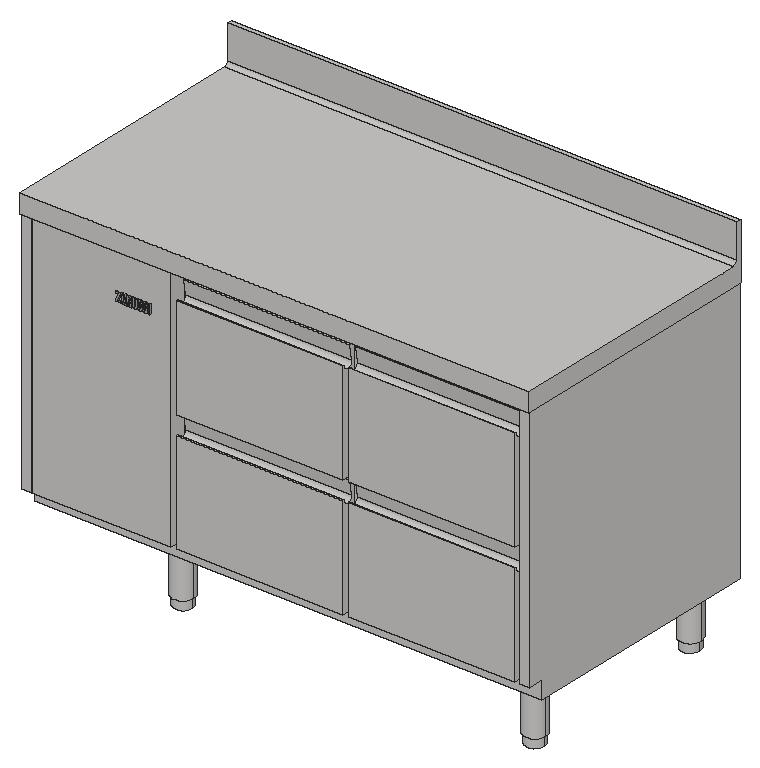
Revit family "QF_ZANUSSI_111032_ZH2H3BB", category Specialty Equipment, Revit 2018
Family settings
  Round Connector Dimension = Use Diameter
  Part Type = Normal
  Work Plane-Based = No
  Always vertical = Yes
  Cut with Voids When Loaded = No
  Shared = No
  Room Calculation Point = No
Parameters
  Weight = 0.00 kg
  Watts = 0.0232258 W
  Volts = 220 V
  URL Manufacturer = "http://www.zanussiprofessional.com/"
  URL = "http://www.zanussiprofessional.com/"
  Steam Supply Size = 0 mm
  Steam Supply Minimum Pressure = 0.0 Pa
  Steam Supply Maximum Pressure = 0.0 Pa
  Steam Pounds per Hour = 0
  Show Logo [instance] = yes
  Show Clearance [instance] = yes
  Refrigeration Suction Line Size = 0 mm
  Refrigeration Liquid Line Size = 0 mm
  Refrigerant Compressor Remote = yes
  Manufacturer = "Zanussi"
  Phase = 1
  Model = "ZH2H3BB"
  Length Actual = 1345 mm  # constant formula
  Item Number = "111032"
  Hot Water Size = 0 mm
  Height Actual = 1000 mm  # constant formula
  HP = "0.3 HP"
  Gas Size = 0 mm
  Gas KW = 0
  Gas Input Pressure = 0 W
  Description = "4 DRAWERS REFRIGER.TABLE 290L-SPLASHB"
  Depth Actual = 700 mm  # constant formula
  Cycle = 50 Hz
  Condensate Return Size = 0 mm
  Compressed Air Volume = 0.0 L/s
  Compressed Air Size = 0 mm
  Compressed Air Pressure = 0.0 Pa
  Cold Water Size = 0 mm
  Accessory = yes
Reference planes
  plane 1 "Center X": y = 182.5
  plane 2: z = 0
  plane 3 "Center Y": x = -126.5
  plane 4: y = -62.5
  plane 5: y = 451.5
  plane 6 "BACK": y = 532.5
  plane 7 "FRONT": y = -167.5
  plane 8: x = -452
  plane 9: x = 478
  plane 10: z = 150
  plane 11 "TOP": z = 900
  plane 12: z = 850
  plane 13 "LEFT": x = -797
  plane 14 "RIGHT": x = 544
  plane 15: x = -799
  plane 16: x = 546
Forms (mm)
  Extrusion 1, solid, material "QF_Finishes_Stainless Steel"
    sketch origin (-126.5, 2, 0) x (0, 1, 0) y (0, 0, 1)
      loop
        line (530.5, 150) -> (530.5, 850) -> (-124.5, 850) -> (-124.5, 150) -> (530.5, 150)
    from -670.5 to 670.5
  Extrusion 2, solid, material "QF_Finishes_Stainless Steel"
    sketch origin (-1022.223, -1524, 150) x (-1, 0, 0) y (0, -1, 0)
      loop
        line (-225.223, -1361.5) -> (-250.223, -1361.5) -> (-250.223, -1401.5) -> (-225.223, -1401.5) -> (-225.223, -1361.5)
      loop
        line (-1566.223, -1401.5) -> (-1541.223, -1401.5) -> (-1541.223, -1361.5) -> (-1566.223, -1361.5) -> (-1566.223, -1401.5)
    from 47 to 700
  Extrusion 3, solid, material "QF_Finishes_Stainless Steel"
    sketch origin (0, 0, 900) x (-1, 0, 0) y (0, -1, 0)
      loop
        circle (-57, -94.5) r 8.45
    from -790.577 to -750
  Extrusion 4, solid, material "QF_Finishes_Stainless Steel"
    sketch origin (0, 0, 0) x (1, 0, 0) y (0, 1, 0)
      loop
        circle (-713, 451.5) r 4
    from 109.423 to 150
  Extrusion 5, solid, material "QF_Finishes_Stainless Steel"
    sketch origin (-126.5, 0, 0) x (0, 1, 0) y (0, 0, 1)
      loop
        line (-167.5, 900) -> (-167.5, 850) -> (532.5, 850) -> (532.5, 1000) -> (519.5, 1000) -> (519.5, 910)
        arc (519.5, 910) -> (516.571, 902.929) -> (509.5, 900) r 10
        line (509.5, 900) -> (-167.5, 900)
    from 672.5 to -672.5
Cuts and joins
  joined: Extrusion 1, Extrusion 2
Lines and regions (mm)
  symbolic lines, style "SpecialityEquipmentHiddenLines"
    curve 1: line (-799, -122.5, 900) -> (546, -122.5, 900)
    curve 2: line (-396, -167.5, 900) -> (-396, -122.5, 900)
  symbolic lines, style "SpecialityEquipment"
    curve 3: line (-799, 532.5, 900) -> (546, 532.5, 900)
    curve 4: line (-799, 532.5, 900) -> (-799, -167.5, 900)
    curve 5: line (-799, -167.5, 900) -> (546, -167.5, 900)
    curve 6: line (546, -167.5, 900) -> (546, 532.5, 900)
    curve 7: line (-799, 519.5, 900) -> (546, 519.5, 900)
Dimensions and locks
  locked: plane 6 "BACK" to plane 7 "FRONT" at 700
  equal spacing: plane 6 "BACK", plane 1 "Center X", plane 7 "FRONT"
  locked: plane 6 "BACK" to plane 5 at 81
  plane 10 to level = 150 mm
  plane 11 "TOP" to plane 12 to plane 10 = 50 mm locked, 700 mm locked
  locked: Extrusion 2 sketch curve to Extrusion 2 sketch curve at 25  (x2)
  locked: plane 4 to plane 7 "FRONT" at 105
  locked: plane 6 "BACK" to Extrusion 3 sketch curve at 438
  equal spacing: plane 13 "LEFT", plane 3 "Center Y", plane 14 "RIGHT"
  plane 15 to plane 16 = 1345 mm
  locked: plane 13 "LEFT" to plane 8 at 345
  locked: plane 9 to plane 14 "RIGHT" at 66
  locked: Extrusion 3 sketch curve to plane 14 "RIGHT" at 487
  plane 13 "LEFT" to Extrusion 4 sketch curve = 84 mm
  locked: plane 6 "BACK" to Extrusion 4 sketch curve at 81
  locked: plane 10 to Extrusion 4 at 40.577
  aligned and locked: level to plane 2
  aligned and locked: plane 10 to Extrusion 3
  aligned and locked: nested 4 to plane 4
  aligned and locked: nested 1 to plane 4
  aligned and locked: nested 3 to plane 5
  aligned and locked: nested 2 to plane 5
  aligned and locked: plane 8 to nested 1
  aligned and locked: plane 8 to nested 2
  aligned and locked: plane 9 to nested 4
  aligned and locked: plane 9 to nested 3
  aligned and locked: Extrusion 1 to Extrusion 2
  aligned and locked: Extrusion 2 to Extrusion 1
  aligned and locked: Extrusion 2 sketch curve to plane 14 "RIGHT"
  aligned and locked: plane 13 "LEFT" to Extrusion 2 sketch curve
  aligned and locked: cut or joined group of Extrusion 1, Extrusion 2 to plane 10
  aligned and locked: plane 12 to cut or joined group of Extrusion 1, Extrusion 2
  aligned and locked: plane 10 to Extrusion 4
  aligned and locked: Extrusion 5 sketch curve to plane 11 "TOP"
  aligned and locked: plane 7 "FRONT" to Extrusion 5 sketch curve
  aligned and locked: Extrusion 5 sketch curve to cut or joined group of Extrusion 1, Extrusion 2  (x2)
  aligned and locked: Extrusion 5 to curve 3
Automatic sketch dimensions
  plane 7 "FRONT" to Extrusion 2 sketch curve = 45 mm  (x2)
  plane 7 "FRONT" to Extrusion 2 sketch curve = 5 mm  (x2)
  Extrusion 1 sketch curve to plane 10 = 0 mm
  Extrusion 1 sketch curve to plane 12 = 0 mm
  Extrusion 1 sketch curve to plane 6 "BACK" = 0 mm
  plane 7 "FRONT" to Extrusion 1 sketch curve = 45 mm
  plane 11 "TOP" to Extrusion 5 sketch curve = 10 mm
  Extrusion 5 sketch curve to plane 6 "BACK" = 23 mm
  Extrusion 5 sketch curve to Extrusion 5 sketch curve = 90 mm
  curve 2 to plane 7 "FRONT" = 0 mm
  curve 5 to plane 15 = 0 mm
  curve 3 to plane 6 "BACK" = 0 mm
  plane 8 to curve 2 = 56 mm
  curve 7 to plane 6 "BACK" = 13 mm
  plane 7 "FRONT" to curve 1 = 45 mm
  radius of Extrusion 3 sketch curve = 8.45 mm
  radius of Extrusion 4 sketch curve = 4 mm
Nested families
  nested 1: "Foot_Ø50_H150" at (-452, -62.5, 0), type "Foot_Ø50_H150"
  nested 2: "Foot_Ø50_H150" at (-452, 451.5, 0), type "Foot_Ø50_H150"
  nested 3: "Foot_Ø50_H150" at (478, 451.5, 0), type "Foot_Ø50_H150"
  nested 4: "Foot_Ø50_H150" at (478, -62.5, 0), type "Foot_Ø50_H150"
  nested 5: "2 Drawers" at (285, -164.5, 0), Show Clearance <- "Show Clearance", type "2 Drawers"
  nested 6: "2 Drawers" at (-169, -164.5, 0) x (-1, 0, 0) z (0, 0, 1), Show Clearance <- "Show Clearance", type "2 Drawers"
  nested 7: "Refrigerator" at (544, -167.5, 900), type "Refrigerator"
  nested 8: "ZAN_Cooling Unit" at (-587.5, -164.5, 0), Show Logo <- "Show Logo", type "ZAN_Cooling Unit"
Connectors
  electrical at (-713, 451.5, 109.423), driven by "Volts"
    settings: on Extrusion 4, index 4, voltage 220 V, apparent load 0 VA, apparent load phase1 0 VA, apparent load phase2 0 VA, apparent load phase3 0 VA, power factor 1, load classification "Altro", number of poles 1, system type 30, power factor state 1, is connector primary yes, connector utility no, sub classification motor no, connector description "Electrical Connection"
  piping at (57, 94.5, 109.423), diameter 17
    settings: on Extrusion 3, index 5, connector inside diameter 609.6 mm, connector length 0 mm, flow factor 0, pipe flow 0.0 L/s, pressure drop 0.0 Pa, fitting loss kfactor 0, connector angle 0.00°, fixture units 0, engagement length 0 mm, angle of deflection 0.00°, flow configuration 1, flow direction 2, fitting loss method 0, system type 16, joint type 0, gender type 0, connector reference index -1, connector utility 0, adjustable connector no, is connector primary yes, connector description "Drain"
Definition of nested family "Foot_Ø50_H150"
  Reference planes
    plane 1 "Centro (Fronte/Retro)": y = 0
    plane 2: z = 0
    plane 3 "Centro (Sinistra/Destra)": x = 0
    plane 4: z = 150
  Forms (mm)
    Revolve 1, solid
      sketch origin (255.05, 0, 608.09) x (0, 0, 1) y (-1, 0, 0)
        loop
          line (-608.09, 255.05) -> (-608.09, 230.05) -> (-583.09, 230.05) -> (-583.09, 226.05) -> (-458.09, 226.05) -> (-458.09, 255.05) -> (-608.09, 255.05)
        axis (-608.09, 255.05) -> (-458.09, 255.05)
      angle from 0 to 360
  Dimensions and locks
    locked: Revolve 1 sketch curve to Revolve 1 sketch curve at 125
    aligned and locked: level to plane 2
    aligned and locked: plane 4 to Revolve 1 sketch curve
    aligned and locked: Revolve 1 sketch curve to level
    aligned and locked: plane 3 "Centro (Sinistra/Destra)" to Revolve 1 sketch curve
Definition of nested family "2 Drawers"
  Parameters
    Show Clearance [instance] = yes
  Reference planes
    plane 1 "FRONT": y = -3
    plane 2: z = 0
    plane 3 "Centro (Sinistra/Destra)": x = 0
    plane 4: z = 150
    plane 5: z = 850
    plane 6: x = -234
    plane 7: x = 234
    plane 8: x = -220
    plane 9: x = 220
  Forms (mm)
    Extrusion 1, solid
      sketch origin (0, 55, 511) x (0, 0, 1) y (0, -1, 0)
        loop
          line (314, 18) -> (314, 29) -> (274.395, 22.5)
          arc (274.395, 22.5) -> (260.395, 36.5) -> (274.395, 50.5) r 14
          line (274.395, 50.5) -> (274.395, 53) -> (5, 53) -> (5, 18) -> (314, 18)
        loop
          line (-5, 29) -> (-44.605, 22.5)
          arc (-44.605, 22.5) -> (-58.605, 36.5) -> (-44.605, 50.5) r 14
          line (-44.605, 50.5) -> (-44.605, 53) -> (-314, 53) -> (-314, 18) -> (-5, 18) -> (-5, 29)
      from -220 to 220
    Extrusion 2, solid, visible <- "Show Clearance", detail levels coarse
      sketch origin (0, -462, 511) x (0, 0, 1) y (0, -1, 0)
        loop
          line (-314, 109) -> (-314, -464) -> (-5, -464) -> (-5, 109) -> (-314, 109)
        loop
          line (314, -464) -> (314, 109) -> (5, 109) -> (5, -464) -> (314, -464)
      from -220 to 220
  Lines and regions (mm)
    symbolic lines
      curve 1: line (-190, -3, 0) -> (-190, -88, 0)
      curve 2: line (190, -88, 0) -> (190, -3, 0)
      curve 3: line (220, -88, 0) -> (-220, -88, 0)
      curve 4: line (-220, -88, 0) -> (-220, -123, 0)
      curve 5: line (-220, -123, 0) -> (220, -123, 0)
      curve 6: line (220, -123, 0) -> (220, -88, 0)
      curve 7: line (-190, -123, 0) -> (-190, -208, 0)
      curve 8: line (220, -208, 0) -> (-220, -208, 0)
      curve 9: line (-220, -208, 0) -> (-220, -243, 0)
      curve 10: line (-220, -243, 0) -> (220, -243, 0)
      curve 11: line (220, -243, 0) -> (220, -208, 0)
      curve 12: line (190, -208, 0) -> (190, -123, 0)
  Dimensions and locks
    aligned and locked: level to plane 2
Definition of nested family "ZAN_Cooling Unit"
  Parameters
    Show Logo [instance] = yes
  Reference planes
    plane 1 "FRONT": y = -3
    plane 2: z = 0
    plane 3 "Centro (Sinistra/Destra)": x = 0
    plane 4: z = 150
    plane 5: z = 850
    plane 6: x = -184.5
    plane 7: x = 184.5
  Forms (mm)
    Extrusion 1, solid
      sketch origin (0, 55, 511) x (0, 0, 1) y (0, -1, 0)
        loop
          line (-314, 53) -> (-314, 13) -> (339, 13) -> (339, 53) -> (-314, 53)
      from -184.5 to 184.5
  Lines and regions (mm)
    Split face 1
      outline origin (0, 2, 197) x (0, 0, 1) y (-1, 0, 0)
        loop
          line (566.835, 184.5) -> (566.835, -184.5)
        loop
          line (521.835, 184.5) -> (521.835, -184.5)
    Split face 2
      outline origin (0, 2, 197) x (0, 0, 1) y (-1, 0, 0)
        loop
          arc (510.649, 158.547) -> (506.648, 162.548) -> (502.647, 158.547) r 4.001
          line (502.647, 158.547) -> (502.647, 116.535)
          arc (502.647, 116.535) -> (506.648, 112.533) -> (510.649, 116.535) r 4.001
          line (510.649, 116.535) -> (510.649, 158.547)
    Split face 3
      outline origin (0, 2, 184.996) x (0, 0, 1) y (-1, 0, 0)
        loop
          arc (510.649, 158.547) -> (506.648, 162.548) -> (502.647, 158.547) r 4.001
          line (502.647, 158.547) -> (502.647, 116.535)
          arc (502.647, 116.535) -> (506.648, 112.533) -> (510.649, 116.535) r 4.001
          line (510.649, 116.535) -> (510.649, 158.547)
    Split face 4
      outline origin (0, 2, 172.993) x (0, 0, 1) y (-1, 0, 0)
        loop
          arc (510.649, 158.547) -> (506.648, 162.548) -> (502.647, 158.547) r 4.001
          line (502.647, 158.547) -> (502.647, 116.535)
          arc (502.647, 116.535) -> (506.648, 112.533) -> (510.649, 116.535) r 4.001
          line (510.649, 116.535) -> (510.649, 158.547)
    Split face 5
      outline origin (0, 2, 160.989) x (0, 0, 1) y (-1, 0, 0)
        loop
          arc (510.649, 158.547) -> (506.648, 162.548) -> (502.647, 158.547) r 4.001
          line (502.647, 158.547) -> (502.647, 116.535)
          arc (502.647, 116.535) -> (506.648, 112.533) -> (510.649, 116.535) r 4.001
          line (510.649, 116.535) -> (510.649, 158.547)
    Split face 6
      outline origin (0, 2, 148.986) x (0, 0, 1) y (-1, 0, 0)
        loop
          arc (510.649, 158.547) -> (506.648, 162.548) -> (502.647, 158.547) r 4.001
          line (502.647, 158.547) -> (502.647, 116.535)
          arc (502.647, 116.535) -> (506.648, 112.533) -> (510.649, 116.535) r 4.001
          line (510.649, 116.535) -> (510.649, 158.547)
    Split face 7
      outline origin (0, 2, 136.982) x (0, 0, 1) y (-1, 0, 0)
        loop
          arc (510.649, 158.547) -> (506.648, 162.548) -> (502.647, 158.547) r 4.001
          line (502.647, 158.547) -> (502.647, 116.535)
          arc (502.647, 116.535) -> (506.648, 112.533) -> (510.649, 116.535) r 4.001
          line (510.649, 116.535) -> (510.649, 158.547)
    Split face 8
      outline origin (0, 2, 124.979) x (0, 0, 1) y (-1, 0, 0)
        loop
          arc (510.649, 158.547) -> (506.648, 162.548) -> (502.647, 158.547) r 4.001
          line (502.647, 158.547) -> (502.647, 116.535)
          arc (502.647, 116.535) -> (506.648, 112.533) -> (510.649, 116.535) r 4.001
          line (510.649, 116.535) -> (510.649, 158.547)
    Split face 9
      outline origin (0, 2, 112.975) x (0, 0, 1) y (-1, 0, 0)
        loop
          arc (510.649, 158.547) -> (506.648, 162.548) -> (502.647, 158.547) r 4.001
          line (502.647, 158.547) -> (502.647, 116.535)
          arc (502.647, 116.535) -> (506.648, 112.533) -> (510.649, 116.535) r 4.001
          line (510.649, 116.535) -> (510.649, 158.547)
    Split face 10
      outline origin (0, 2, 100.972) x (0, 0, 1) y (-1, 0, 0)
        loop
          arc (510.649, 158.547) -> (506.648, 162.548) -> (502.647, 158.547) r 4.001
          line (502.647, 158.547) -> (502.647, 116.535)
          arc (502.647, 116.535) -> (506.648, 112.533) -> (510.649, 116.535) r 4.001
          line (510.649, 116.535) -> (510.649, 158.547)
    Split face 11
      outline origin (0, 2, 88.968) x (0, 0, 1) y (-1, 0, 0)
        loop
          arc (510.649, 158.547) -> (506.648, 162.548) -> (502.647, 158.547) r 4.001
          line (502.647, 158.547) -> (502.647, 116.535)
          arc (502.647, 116.535) -> (506.648, 112.533) -> (510.649, 116.535) r 4.001
          line (510.649, 116.535) -> (510.649, 158.547)
    Split face 12
      outline origin (0, 2, 76.965) x (0, 0, 1) y (-1, 0, 0)
        loop
          arc (510.649, 158.547) -> (506.648, 162.548) -> (502.647, 158.547) r 4.001
          line (502.647, 158.547) -> (502.647, 116.535)
          arc (502.647, 116.535) -> (506.648, 112.533) -> (510.649, 116.535) r 4.001
          line (510.649, 116.535) -> (510.649, 158.547)
    Split face 13
      outline origin (0, 2, 64.961) x (0, 0, 1) y (-1, 0, 0)
        loop
          arc (510.649, 158.547) -> (506.648, 162.548) -> (502.647, 158.547) r 4.001
          line (502.647, 158.547) -> (502.647, 116.535)
          arc (502.647, 116.535) -> (506.648, 112.533) -> (510.649, 116.535) r 4.001
          line (510.649, 116.535) -> (510.649, 158.547)
    Split face 14
      outline origin (0, 2, 52.958) x (0, 0, 1) y (-1, 0, 0)
        loop
          arc (510.649, 158.547) -> (506.648, 162.548) -> (502.647, 158.547) r 4.001
          line (502.647, 158.547) -> (502.647, 116.535)
          arc (502.647, 116.535) -> (506.648, 112.533) -> (510.649, 116.535) r 4.001
          line (510.649, 116.535) -> (510.649, 158.547)
    Split face 15
      outline origin (0, 2, 40.954) x (0, 0, 1) y (-1, 0, 0)
        loop
          arc (510.649, 158.547) -> (506.648, 162.548) -> (502.647, 158.547) r 4.001
          line (502.647, 158.547) -> (502.647, 116.535)
          arc (502.647, 116.535) -> (506.648, 112.533) -> (510.649, 116.535) r 4.001
          line (510.649, 116.535) -> (510.649, 158.547)
    Split face 16
      outline origin (0, 2, 28.951) x (0, 0, 1) y (-1, 0, 0)
        loop
          arc (510.649, 158.547) -> (506.648, 162.548) -> (502.647, 158.547) r 4.001
          line (502.647, 158.547) -> (502.647, 116.535)
          arc (502.647, 116.535) -> (506.648, 112.533) -> (510.649, 116.535) r 4.001
          line (510.649, 116.535) -> (510.649, 158.547)
    Split face 17
      outline origin (0, 2, 16.947) x (0, 0, 1) y (-1, 0, 0)
        loop
          arc (510.649, 158.547) -> (506.648, 162.548) -> (502.647, 158.547) r 4.001
          line (502.647, 158.547) -> (502.647, 116.535)
          arc (502.647, 116.535) -> (506.648, 112.533) -> (510.649, 116.535) r 4.001
          line (510.649, 116.535) -> (510.649, 158.547)
    Split face 18
      outline origin (55.016, 2, 197) x (0, 0, 1) y (-1, 0, 0)
        loop
          arc (510.649, 158.547) -> (506.648, 162.548) -> (502.647, 158.547) r 4.001
          line (502.647, 158.547) -> (502.647, 116.535)
          arc (502.647, 116.535) -> (506.648, 112.533) -> (510.649, 116.535) r 4.001
          line (510.649, 116.535) -> (510.649, 158.547)
    Split face 19
      outline origin (55.016, 2, 184.996) x (0, 0, 1) y (-1, 0, 0)
        loop
          arc (510.649, 158.547) -> (506.648, 162.548) -> (502.647, 158.547) r 4.001
          line (502.647, 158.547) -> (502.647, 116.535)
          arc (502.647, 116.535) -> (506.648, 112.533) -> (510.649, 116.535) r 4.001
          line (510.649, 116.535) -> (510.649, 158.547)
    Split face 20
      outline origin (55.016, 2, 172.993) x (0, 0, 1) y (-1, 0, 0)
        loop
          arc (510.649, 158.547) -> (506.648, 162.548) -> (502.647, 158.547) r 4.001
          line (502.647, 158.547) -> (502.647, 116.535)
          arc (502.647, 116.535) -> (506.648, 112.533) -> (510.649, 116.535) r 4.001
          line (510.649, 116.535) -> (510.649, 158.547)
    Split face 21
      outline origin (55.016, 2, 160.989) x (0, 0, 1) y (-1, 0, 0)
        loop
          arc (510.649, 158.547) -> (506.648, 162.548) -> (502.647, 158.547) r 4.001
          line (502.647, 158.547) -> (502.647, 116.535)
          arc (502.647, 116.535) -> (506.648, 112.533) -> (510.649, 116.535) r 4.001
          line (510.649, 116.535) -> (510.649, 158.547)
    Split face 22
      outline origin (55.016, 2, 148.986) x (0, 0, 1) y (-1, 0, 0)
        loop
          arc (510.649, 158.547) -> (506.648, 162.548) -> (502.647, 158.547) r 4.001
          line (502.647, 158.547) -> (502.647, 116.535)
          arc (502.647, 116.535) -> (506.648, 112.533) -> (510.649, 116.535) r 4.001
          line (510.649, 116.535) -> (510.649, 158.547)
    Split face 23
      outline origin (55.016, 2, 136.982) x (0, 0, 1) y (-1, 0, 0)
        loop
          arc (510.649, 158.547) -> (506.648, 162.548) -> (502.647, 158.547) r 4.001
          line (502.647, 158.547) -> (502.647, 116.535)
          arc (502.647, 116.535) -> (506.648, 112.533) -> (510.649, 116.535) r 4.001
          line (510.649, 116.535) -> (510.649, 158.547)
    Split face 24
      outline origin (55.016, 2, 124.979) x (0, 0, 1) y (-1, 0, 0)
        loop
          arc (510.649, 158.547) -> (506.648, 162.548) -> (502.647, 158.547) r 4.001
          line (502.647, 158.547) -> (502.647, 116.535)
          arc (502.647, 116.535) -> (506.648, 112.533) -> (510.649, 116.535) r 4.001
          line (510.649, 116.535) -> (510.649, 158.547)
    Split face 25
      outline origin (55.016, 2, 112.975) x (0, 0, 1) y (-1, 0, 0)
        loop
          arc (510.649, 158.547) -> (506.648, 162.548) -> (502.647, 158.547) r 4.001
          line (502.647, 158.547) -> (502.647, 116.535)
          arc (502.647, 116.535) -> (506.648, 112.533) -> (510.649, 116.535) r 4.001
          line (510.649, 116.535) -> (510.649, 158.547)
    Split face 26
      outline origin (55.016, 2, 100.972) x (0, 0, 1) y (-1, 0, 0)
        loop
          arc (510.649, 158.547) -> (506.648, 162.548) -> (502.647, 158.547) r 4.001
          line (502.647, 158.547) -> (502.647, 116.535)
          arc (502.647, 116.535) -> (506.648, 112.533) -> (510.649, 116.535) r 4.001
          line (510.649, 116.535) -> (510.649, 158.547)
    Split face 27
      outline origin (55.016, 2, 88.968) x (0, 0, 1) y (-1, 0, 0)
        loop
          arc (510.649, 158.547) -> (506.648, 162.548) -> (502.647, 158.547) r 4.001
          line (502.647, 158.547) -> (502.647, 116.535)
          arc (502.647, 116.535) -> (506.648, 112.533) -> (510.649, 116.535) r 4.001
          line (510.649, 116.535) -> (510.649, 158.547)
    Split face 28
      outline origin (55.016, 2, 76.965) x (0, 0, 1) y (-1, 0, 0)
        loop
          arc (510.649, 158.547) -> (506.648, 162.548) -> (502.647, 158.547) r 4.001
          line (502.647, 158.547) -> (502.647, 116.535)
          arc (502.647, 116.535) -> (506.648, 112.533) -> (510.649, 116.535) r 4.001
          line (510.649, 116.535) -> (510.649, 158.547)
    Split face 29
      outline origin (55.016, 2, 64.961) x (0, 0, 1) y (-1, 0, 0)
        loop
          arc (510.649, 158.547) -> (506.648, 162.548) -> (502.647, 158.547) r 4.001
          line (502.647, 158.547) -> (502.647, 116.535)
          arc (502.647, 116.535) -> (506.648, 112.533) -> (510.649, 116.535) r 4.001
          line (510.649, 116.535) -> (510.649, 158.547)
    Split face 30
      outline origin (55.016, 2, 52.958) x (0, 0, 1) y (-1, 0, 0)
        loop
          arc (510.649, 158.547) -> (506.648, 162.548) -> (502.647, 158.547) r 4.001
          line (502.647, 158.547) -> (502.647, 116.535)
          arc (502.647, 116.535) -> (506.648, 112.533) -> (510.649, 116.535) r 4.001
          line (510.649, 116.535) -> (510.649, 158.547)
    Split face 31
      outline origin (55.016, 2, 40.954) x (0, 0, 1) y (-1, 0, 0)
        loop
          arc (510.649, 158.547) -> (506.648, 162.548) -> (502.647, 158.547) r 4.001
          line (502.647, 158.547) -> (502.647, 116.535)
          arc (502.647, 116.535) -> (506.648, 112.533) -> (510.649, 116.535) r 4.001
          line (510.649, 116.535) -> (510.649, 158.547)
    Split face 32
      outline origin (55.016, 2, 28.951) x (0, 0, 1) y (-1, 0, 0)
        loop
          arc (510.649, 158.547) -> (506.648, 162.548) -> (502.647, 158.547) r 4.001
          line (502.647, 158.547) -> (502.647, 116.535)
          arc (502.647, 116.535) -> (506.648, 112.533) -> (510.649, 116.535) r 4.001
          line (510.649, 116.535) -> (510.649, 158.547)
    Split face 33
      outline origin (55.016, 2, 16.947) x (0, 0, 1) y (-1, 0, 0)
        loop
          arc (510.649, 158.547) -> (506.648, 162.548) -> (502.647, 158.547) r 4.001
          line (502.647, 158.547) -> (502.647, 116.535)
          arc (502.647, 116.535) -> (506.648, 112.533) -> (510.649, 116.535) r 4.001
          line (510.649, 116.535) -> (510.649, 158.547)
    Split face 34
      outline origin (110.032, 2, 197) x (0, 0, 1) y (-1, 0, 0)
        loop
          arc (510.649, 158.547) -> (506.648, 162.548) -> (502.647, 158.547) r 4.001
          line (502.647, 158.547) -> (502.647, 116.535)
          arc (502.647, 116.535) -> (506.648, 112.533) -> (510.649, 116.535) r 4.001
          line (510.649, 116.535) -> (510.649, 158.547)
    Split face 35
      outline origin (110.032, 2, 184.996) x (0, 0, 1) y (-1, 0, 0)
        loop
          arc (510.649, 158.547) -> (506.648, 162.548) -> (502.647, 158.547) r 4.001
          line (502.647, 158.547) -> (502.647, 116.535)
          arc (502.647, 116.535) -> (506.648, 112.533) -> (510.649, 116.535) r 4.001
          line (510.649, 116.535) -> (510.649, 158.547)
    Split face 36
      outline origin (110.032, 2, 172.993) x (0, 0, 1) y (-1, 0, 0)
        loop
          arc (510.649, 158.547) -> (506.648, 162.548) -> (502.647, 158.547) r 4.001
          line (502.647, 158.547) -> (502.647, 116.535)
          arc (502.647, 116.535) -> (506.648, 112.533) -> (510.649, 116.535) r 4.001
          line (510.649, 116.535) -> (510.649, 158.547)
    Split face 37
      outline origin (110.032, 2, 160.989) x (0, 0, 1) y (-1, 0, 0)
        loop
          arc (510.649, 158.547) -> (506.648, 162.548) -> (502.647, 158.547) r 4.001
          line (502.647, 158.547) -> (502.647, 116.535)
          arc (502.647, 116.535) -> (506.648, 112.533) -> (510.649, 116.535) r 4.001
          line (510.649, 116.535) -> (510.649, 158.547)
    Split face 38
      outline origin (110.032, 2, 148.986) x (0, 0, 1) y (-1, 0, 0)
        loop
          arc (510.649, 158.547) -> (506.648, 162.548) -> (502.647, 158.547) r 4.001
          line (502.647, 158.547) -> (502.647, 116.535)
          arc (502.647, 116.535) -> (506.648, 112.533) -> (510.649, 116.535) r 4.001
          line (510.649, 116.535) -> (510.649, 158.547)
    Split face 39
      outline origin (110.032, 2, 136.982) x (0, 0, 1) y (-1, 0, 0)
        loop
          arc (510.649, 158.547) -> (506.648, 162.548) -> (502.647, 158.547) r 4.001
          line (502.647, 158.547) -> (502.647, 116.535)
          arc (502.647, 116.535) -> (506.648, 112.533) -> (510.649, 116.535) r 4.001
          line (510.649, 116.535) -> (510.649, 158.547)
    Split face 40
      outline origin (110.032, 2, 124.979) x (0, 0, 1) y (-1, 0, 0)
        loop
          arc (510.649, 158.547) -> (506.648, 162.548) -> (502.647, 158.547) r 4.001
          line (502.647, 158.547) -> (502.647, 116.535)
          arc (502.647, 116.535) -> (506.648, 112.533) -> (510.649, 116.535) r 4.001
          line (510.649, 116.535) -> (510.649, 158.547)
    Split face 41
      outline origin (110.032, 2, 112.975) x (0, 0, 1) y (-1, 0, 0)
        loop
          arc (510.649, 158.547) -> (506.648, 162.548) -> (502.647, 158.547) r 4.001
          line (502.647, 158.547) -> (502.647, 116.535)
          arc (502.647, 116.535) -> (506.648, 112.533) -> (510.649, 116.535) r 4.001
          line (510.649, 116.535) -> (510.649, 158.547)
    Split face 42
      outline origin (110.032, 2, 100.972) x (0, 0, 1) y (-1, 0, 0)
        loop
          arc (510.649, 158.547) -> (506.648, 162.548) -> (502.647, 158.547) r 4.001
          line (502.647, 158.547) -> (502.647, 116.535)
          arc (502.647, 116.535) -> (506.648, 112.533) -> (510.649, 116.535) r 4.001
          line (510.649, 116.535) -> (510.649, 158.547)
    Split face 43
      outline origin (110.032, 2, 88.968) x (0, 0, 1) y (-1, 0, 0)
        loop
          arc (510.649, 158.547) -> (506.648, 162.548) -> (502.647, 158.547) r 4.001
          line (502.647, 158.547) -> (502.647, 116.535)
          arc (502.647, 116.535) -> (506.648, 112.533) -> (510.649, 116.535) r 4.001
          line (510.649, 116.535) -> (510.649, 158.547)
    Split face 44
      outline origin (110.032, 2, 76.965) x (0, 0, 1) y (-1, 0, 0)
        loop
          arc (510.649, 158.547) -> (506.648, 162.548) -> (502.647, 158.547) r 4.001
          line (502.647, 158.547) -> (502.647, 116.535)
          arc (502.647, 116.535) -> (506.648, 112.533) -> (510.649, 116.535) r 4.001
          line (510.649, 116.535) -> (510.649, 158.547)
    Split face 45
      outline origin (110.032, 2, 64.961) x (0, 0, 1) y (-1, 0, 0)
        loop
          arc (510.649, 158.547) -> (506.648, 162.548) -> (502.647, 158.547) r 4.001
          line (502.647, 158.547) -> (502.647, 116.535)
          arc (502.647, 116.535) -> (506.648, 112.533) -> (510.649, 116.535) r 4.001
          line (510.649, 116.535) -> (510.649, 158.547)
    Split face 46
      outline origin (110.032, 2, 52.958) x (0, 0, 1) y (-1, 0, 0)
        loop
          arc (510.649, 158.547) -> (506.648, 162.548) -> (502.647, 158.547) r 4.001
          line (502.647, 158.547) -> (502.647, 116.535)
          arc (502.647, 116.535) -> (506.648, 112.533) -> (510.649, 116.535) r 4.001
          line (510.649, 116.535) -> (510.649, 158.547)
    Split face 47
      outline origin (110.032, 2, 40.954) x (0, 0, 1) y (-1, 0, 0)
        loop
          arc (510.649, 158.547) -> (506.648, 162.548) -> (502.647, 158.547) r 4.001
          line (502.647, 158.547) -> (502.647, 116.535)
          arc (502.647, 116.535) -> (506.648, 112.533) -> (510.649, 116.535) r 4.001
          line (510.649, 116.535) -> (510.649, 158.547)
    Split face 48
      outline origin (110.032, 2, 28.951) x (0, 0, 1) y (-1, 0, 0)
        loop
          arc (510.649, 158.547) -> (506.648, 162.548) -> (502.647, 158.547) r 4.001
          line (502.647, 158.547) -> (502.647, 116.535)
          arc (502.647, 116.535) -> (506.648, 112.533) -> (510.649, 116.535) r 4.001
          line (510.649, 116.535) -> (510.649, 158.547)
    Split face 49
      outline origin (110.032, 2, 16.947) x (0, 0, 1) y (-1, 0, 0)
        loop
          arc (510.649, 158.547) -> (506.648, 162.548) -> (502.647, 158.547) r 4.001
          line (502.647, 158.547) -> (502.647, 116.535)
          arc (502.647, 116.535) -> (506.648, 112.533) -> (510.649, 116.535) r 4.001
          line (510.649, 116.535) -> (510.649, 158.547)
    Split face 50
      outline origin (165.048, 2, 197) x (0, 0, 1) y (-1, 0, 0)
        loop
          arc (510.649, 158.547) -> (506.648, 162.548) -> (502.647, 158.547) r 4.001
          line (502.647, 158.547) -> (502.647, 116.535)
          arc (502.647, 116.535) -> (506.648, 112.533) -> (510.649, 116.535) r 4.001
          line (510.649, 116.535) -> (510.649, 158.547)
    Split face 51
      outline origin (165.048, 2, 184.996) x (0, 0, 1) y (-1, 0, 0)
        loop
          arc (510.649, 158.547) -> (506.648, 162.548) -> (502.647, 158.547) r 4.001
          line (502.647, 158.547) -> (502.647, 116.535)
          arc (502.647, 116.535) -> (506.648, 112.533) -> (510.649, 116.535) r 4.001
          line (510.649, 116.535) -> (510.649, 158.547)
    Split face 52
      outline origin (165.048, 2, 172.993) x (0, 0, 1) y (-1, 0, 0)
        loop
          arc (510.649, 158.547) -> (506.648, 162.548) -> (502.647, 158.547) r 4.001
          line (502.647, 158.547) -> (502.647, 116.535)
          arc (502.647, 116.535) -> (506.648, 112.533) -> (510.649, 116.535) r 4.001
          line (510.649, 116.535) -> (510.649, 158.547)
    Split face 53
      outline origin (165.048, 2, 160.989) x (0, 0, 1) y (-1, 0, 0)
        loop
          arc (510.649, 158.547) -> (506.648, 162.548) -> (502.647, 158.547) r 4.001
          line (502.647, 158.547) -> (502.647, 116.535)
          arc (502.647, 116.535) -> (506.648, 112.533) -> (510.649, 116.535) r 4.001
          line (510.649, 116.535) -> (510.649, 158.547)
    Split face 54
      outline origin (165.048, 2, 148.986) x (0, 0, 1) y (-1, 0, 0)
        loop
          arc (510.649, 158.547) -> (506.648, 162.548) -> (502.647, 158.547) r 4.001
          line (502.647, 158.547) -> (502.647, 116.535)
          arc (502.647, 116.535) -> (506.648, 112.533) -> (510.649, 116.535) r 4.001
          line (510.649, 116.535) -> (510.649, 158.547)
    Split face 55
      outline origin (165.048, 2, 136.982) x (0, 0, 1) y (-1, 0, 0)
        loop
          arc (510.649, 158.547) -> (506.648, 162.548) -> (502.647, 158.547) r 4.001
          line (502.647, 158.547) -> (502.647, 116.535)
          arc (502.647, 116.535) -> (506.648, 112.533) -> (510.649, 116.535) r 4.001
          line (510.649, 116.535) -> (510.649, 158.547)
    Split face 56
      outline origin (165.048, 2, 124.979) x (0, 0, 1) y (-1, 0, 0)
        loop
          arc (510.649, 158.547) -> (506.648, 162.548) -> (502.647, 158.547) r 4.001
          line (502.647, 158.547) -> (502.647, 116.535)
          arc (502.647, 116.535) -> (506.648, 112.533) -> (510.649, 116.535) r 4.001
          line (510.649, 116.535) -> (510.649, 158.547)
    Split face 57
      outline origin (165.048, 2, 112.975) x (0, 0, 1) y (-1, 0, 0)
        loop
          arc (510.649, 158.547) -> (506.648, 162.548) -> (502.647, 158.547) r 4.001
          line (502.647, 158.547) -> (502.647, 116.535)
          arc (502.647, 116.535) -> (506.648, 112.533) -> (510.649, 116.535) r 4.001
          line (510.649, 116.535) -> (510.649, 158.547)
    Split face 58
      outline origin (165.048, 2, 100.972) x (0, 0, 1) y (-1, 0, 0)
        loop
          arc (510.649, 158.547) -> (506.648, 162.548) -> (502.647, 158.547) r 4.001
          line (502.647, 158.547) -> (502.647, 116.535)
          arc (502.647, 116.535) -> (506.648, 112.533) -> (510.649, 116.535) r 4.001
          line (510.649, 116.535) -> (510.649, 158.547)
    Split face 59
      outline origin (165.048, 2, 88.968) x (0, 0, 1) y (-1, 0, 0)
        loop
          arc (510.649, 158.547) -> (506.648, 162.548) -> (502.647, 158.547) r 4.001
          line (502.647, 158.547) -> (502.647, 116.535)
          arc (502.647, 116.535) -> (506.648, 112.533) -> (510.649, 116.535) r 4.001
          line (510.649, 116.535) -> (510.649, 158.547)
    Split face 60
      outline origin (165.048, 2, 76.965) x (0, 0, 1) y (-1, 0, 0)
        loop
          arc (510.649, 158.547) -> (506.648, 162.548) -> (502.647, 158.547) r 4.001
          line (502.647, 158.547) -> (502.647, 116.535)
          arc (502.647, 116.535) -> (506.648, 112.533) -> (510.649, 116.535) r 4.001
          line (510.649, 116.535) -> (510.649, 158.547)
    Split face 61
      outline origin (165.048, 2, 64.961) x (0, 0, 1) y (-1, 0, 0)
        loop
          arc (510.649, 158.547) -> (506.648, 162.548) -> (502.647, 158.547) r 4.001
          line (502.647, 158.547) -> (502.647, 116.535)
          arc (502.647, 116.535) -> (506.648, 112.533) -> (510.649, 116.535) r 4.001
          line (510.649, 116.535) -> (510.649, 158.547)
    Split face 62
      outline origin (165.048, 2, 52.958) x (0, 0, 1) y (-1, 0, 0)
        loop
          arc (510.649, 158.547) -> (506.648, 162.548) -> (502.647, 158.547) r 4.001
          line (502.647, 158.547) -> (502.647, 116.535)
          arc (502.647, 116.535) -> (506.648, 112.533) -> (510.649, 116.535) r 4.001
          line (510.649, 116.535) -> (510.649, 158.547)
    Split face 63
      outline origin (165.048, 2, 40.954) x (0, 0, 1) y (-1, 0, 0)
        loop
          arc (510.649, 158.547) -> (506.648, 162.548) -> (502.647, 158.547) r 4.001
          line (502.647, 158.547) -> (502.647, 116.535)
          arc (502.647, 116.535) -> (506.648, 112.533) -> (510.649, 116.535) r 4.001
          line (510.649, 116.535) -> (510.649, 158.547)
    Split face 64
      outline origin (165.048, 2, 28.951) x (0, 0, 1) y (-1, 0, 0)
        loop
          arc (510.649, 158.547) -> (506.648, 162.548) -> (502.647, 158.547) r 4.001
          line (502.647, 158.547) -> (502.647, 116.535)
          arc (502.647, 116.535) -> (506.648, 112.533) -> (510.649, 116.535) r 4.001
          line (510.649, 116.535) -> (510.649, 158.547)
    Split face 65
      outline origin (165.048, 2, 16.947) x (0, 0, 1) y (-1, 0, 0)
        loop
          arc (510.649, 158.547) -> (506.648, 162.548) -> (502.647, 158.547) r 4.001
          line (502.647, 158.547) -> (502.647, 116.535)
          arc (502.647, 116.535) -> (506.648, 112.533) -> (510.649, 116.535) r 4.001
          line (510.649, 116.535) -> (510.649, 158.547)
    Split face 66
      outline origin (220.064, 2, 197) x (0, 0, 1) y (-1, 0, 0)
        loop
          arc (510.649, 158.547) -> (506.648, 162.548) -> (502.647, 158.547) r 4.001
          line (502.647, 158.547) -> (502.647, 116.535)
          arc (502.647, 116.535) -> (506.648, 112.533) -> (510.649, 116.535) r 4.001
          line (510.649, 116.535) -> (510.649, 158.547)
    Split face 67
      outline origin (220.064, 2, 184.996) x (0, 0, 1) y (-1, 0, 0)
        loop
          arc (510.649, 158.547) -> (506.648, 162.548) -> (502.647, 158.547) r 4.001
          line (502.647, 158.547) -> (502.647, 116.535)
          arc (502.647, 116.535) -> (506.648, 112.533) -> (510.649, 116.535) r 4.001
          line (510.649, 116.535) -> (510.649, 158.547)
    Split face 68
      outline origin (220.064, 2, 172.993) x (0, 0, 1) y (-1, 0, 0)
        loop
          arc (510.649, 158.547) -> (506.648, 162.548) -> (502.647, 158.547) r 4.001
          line (502.647, 158.547) -> (502.647, 116.535)
          arc (502.647, 116.535) -> (506.648, 112.533) -> (510.649, 116.535) r 4.001
          line (510.649, 116.535) -> (510.649, 158.547)
    Split face 69
      outline origin (220.064, 2, 160.989) x (0, 0, 1) y (-1, 0, 0)
        loop
          arc (510.649, 158.547) -> (506.648, 162.548) -> (502.647, 158.547) r 4.001
          line (502.647, 158.547) -> (502.647, 116.535)
          arc (502.647, 116.535) -> (506.648, 112.533) -> (510.649, 116.535) r 4.001
          line (510.649, 116.535) -> (510.649, 158.547)
    Split face 70
      outline origin (220.064, 2, 148.986) x (0, 0, 1) y (-1, 0, 0)
        loop
          arc (510.649, 158.547) -> (506.648, 162.548) -> (502.647, 158.547) r 4.001
          line (502.647, 158.547) -> (502.647, 116.535)
          arc (502.647, 116.535) -> (506.648, 112.533) -> (510.649, 116.535) r 4.001
          line (510.649, 116.535) -> (510.649, 158.547)
    Split face 71
      outline origin (220.064, 2, 136.982) x (0, 0, 1) y (-1, 0, 0)
        loop
          arc (510.649, 158.547) -> (506.648, 162.548) -> (502.647, 158.547) r 4.001
          line (502.647, 158.547) -> (502.647, 116.535)
          arc (502.647, 116.535) -> (506.648, 112.533) -> (510.649, 116.535) r 4.001
          line (510.649, 116.535) -> (510.649, 158.547)
    Split face 72
      outline origin (220.064, 2, 124.979) x (0, 0, 1) y (-1, 0, 0)
        loop
          arc (510.649, 158.547) -> (506.648, 162.548) -> (502.647, 158.547) r 4.001
          line (502.647, 158.547) -> (502.647, 116.535)
          arc (502.647, 116.535) -> (506.648, 112.533) -> (510.649, 116.535) r 4.001
          line (510.649, 116.535) -> (510.649, 158.547)
    Split face 73
      outline origin (220.064, 2, 112.975) x (0, 0, 1) y (-1, 0, 0)
        loop
          arc (510.649, 158.547) -> (506.648, 162.548) -> (502.647, 158.547) r 4.001
          line (502.647, 158.547) -> (502.647, 116.535)
          arc (502.647, 116.535) -> (506.648, 112.533) -> (510.649, 116.535) r 4.001
          line (510.649, 116.535) -> (510.649, 158.547)
    Split face 74
      outline origin (220.064, 2, 100.972) x (0, 0, 1) y (-1, 0, 0)
        loop
          arc (510.649, 158.547) -> (506.648, 162.548) -> (502.647, 158.547) r 4.001
          line (502.647, 158.547) -> (502.647, 116.535)
          arc (502.647, 116.535) -> (506.648, 112.533) -> (510.649, 116.535) r 4.001
          line (510.649, 116.535) -> (510.649, 158.547)
    Split face 75
      outline origin (220.064, 2, 88.968) x (0, 0, 1) y (-1, 0, 0)
        loop
          arc (510.649, 158.547) -> (506.648, 162.548) -> (502.647, 158.547) r 4.001
          line (502.647, 158.547) -> (502.647, 116.535)
          arc (502.647, 116.535) -> (506.648, 112.533) -> (510.649, 116.535) r 4.001
          line (510.649, 116.535) -> (510.649, 158.547)
    Split face 76
      outline origin (220.064, 2, 76.965) x (0, 0, 1) y (-1, 0, 0)
        loop
          arc (510.649, 158.547) -> (506.648, 162.548) -> (502.647, 158.547) r 4.001
          line (502.647, 158.547) -> (502.647, 116.535)
          arc (502.647, 116.535) -> (506.648, 112.533) -> (510.649, 116.535) r 4.001
          line (510.649, 116.535) -> (510.649, 158.547)
    Split face 77
      outline origin (220.064, 2, 64.961) x (0, 0, 1) y (-1, 0, 0)
        loop
          arc (510.649, 158.547) -> (506.648, 162.548) -> (502.647, 158.547) r 4.001
          line (502.647, 158.547) -> (502.647, 116.535)
          arc (502.647, 116.535) -> (506.648, 112.533) -> (510.649, 116.535) r 4.001
          line (510.649, 116.535) -> (510.649, 158.547)
    Split face 78
      outline origin (220.064, 2, 52.958) x (0, 0, 1) y (-1, 0, 0)
        loop
          arc (510.649, 158.547) -> (506.648, 162.548) -> (502.647, 158.547) r 4.001
          line (502.647, 158.547) -> (502.647, 116.535)
          arc (502.647, 116.535) -> (506.648, 112.533) -> (510.649, 116.535) r 4.001
          line (510.649, 116.535) -> (510.649, 158.547)
    Split face 79
      outline origin (220.064, 2, 40.954) x (0, 0, 1) y (-1, 0, 0)
        loop
          arc (510.649, 158.547) -> (506.648, 162.548) -> (502.647, 158.547) r 4.001
          line (502.647, 158.547) -> (502.647, 116.535)
          arc (502.647, 116.535) -> (506.648, 112.533) -> (510.649, 116.535) r 4.001
          line (510.649, 116.535) -> (510.649, 158.547)
    Split face 80
      outline origin (220.064, 2, 28.951) x (0, 0, 1) y (-1, 0, 0)
        loop
          arc (510.649, 158.547) -> (506.648, 162.548) -> (502.647, 158.547) r 4.001
          line (502.647, 158.547) -> (502.647, 116.535)
          arc (502.647, 116.535) -> (506.648, 112.533) -> (510.649, 116.535) r 4.001
          line (510.649, 116.535) -> (510.649, 158.547)
    Split face 81
      outline origin (220.064, 2, 16.947) x (0, 0, 1) y (-1, 0, 0)
        loop
          arc (510.649, 158.547) -> (506.648, 162.548) -> (502.647, 158.547) r 4.001
          line (502.647, 158.547) -> (502.647, 116.535)
          arc (502.647, 116.535) -> (506.648, 112.533) -> (510.649, 116.535) r 4.001
          line (510.649, 116.535) -> (510.649, 158.547)
    Split face 82
      outline origin (275.081, 2, 197) x (0, 0, 1) y (-1, 0, 0)
        loop
          arc (510.649, 158.547) -> (506.648, 162.548) -> (502.647, 158.547) r 4.001
          line (502.647, 158.547) -> (502.647, 116.535)
          arc (502.647, 116.535) -> (506.648, 112.533) -> (510.649, 116.535) r 4.001
          line (510.649, 116.535) -> (510.649, 158.547)
    Split face 83
      outline origin (275.081, 2, 184.996) x (0, 0, 1) y (-1, 0, 0)
        loop
          arc (510.649, 158.547) -> (506.648, 162.548) -> (502.647, 158.547) r 4.001
          line (502.647, 158.547) -> (502.647, 116.535)
          arc (502.647, 116.535) -> (506.648, 112.533) -> (510.649, 116.535) r 4.001
          line (510.649, 116.535) -> (510.649, 158.547)
    Split face 84
      outline origin (275.081, 2, 172.993) x (0, 0, 1) y (-1, 0, 0)
        loop
          arc (510.649, 158.547) -> (506.648, 162.548) -> (502.647, 158.547) r 4.001
          line (502.647, 158.547) -> (502.647, 116.535)
          arc (502.647, 116.535) -> (506.648, 112.533) -> (510.649, 116.535) r 4.001
          line (510.649, 116.535) -> (510.649, 158.547)
    Split face 85
      outline origin (275.081, 2, 160.989) x (0, 0, 1) y (-1, 0, 0)
        loop
          arc (510.649, 158.547) -> (506.648, 162.548) -> (502.647, 158.547) r 4.001
          line (502.647, 158.547) -> (502.647, 116.535)
          arc (502.647, 116.535) -> (506.648, 112.533) -> (510.649, 116.535) r 4.001
          line (510.649, 116.535) -> (510.649, 158.547)
    Split face 86
      outline origin (275.081, 2, 148.986) x (0, 0, 1) y (-1, 0, 0)
        loop
          arc (510.649, 158.547) -> (506.648, 162.548) -> (502.647, 158.547) r 4.001
          line (502.647, 158.547) -> (502.647, 116.535)
          arc (502.647, 116.535) -> (506.648, 112.533) -> (510.649, 116.535) r 4.001
          line (510.649, 116.535) -> (510.649, 158.547)
    Split face 87
      outline origin (275.081, 2, 136.982) x (0, 0, 1) y (-1, 0, 0)
        loop
          arc (510.649, 158.547) -> (506.648, 162.548) -> (502.647, 158.547) r 4.001
          line (502.647, 158.547) -> (502.647, 116.535)
          arc (502.647, 116.535) -> (506.648, 112.533) -> (510.649, 116.535) r 4.001
          line (510.649, 116.535) -> (510.649, 158.547)
    Split face 88
      outline origin (275.081, 2, 124.979) x (0, 0, 1) y (-1, 0, 0)
        loop
          arc (510.649, 158.547) -> (506.648, 162.548) -> (502.647, 158.547) r 4.001
          line (502.647, 158.547) -> (502.647, 116.535)
          arc (502.647, 116.535) -> (506.648, 112.533) -> (510.649, 116.535) r 4.001
          line (510.649, 116.535) -> (510.649, 158.547)
    Split face 89
      outline origin (275.081, 2, 112.975) x (0, 0, 1) y (-1, 0, 0)
        loop
          arc (510.649, 158.547) -> (506.648, 162.548) -> (502.647, 158.547) r 4.001
          line (502.647, 158.547) -> (502.647, 116.535)
          arc (502.647, 116.535) -> (506.648, 112.533) -> (510.649, 116.535) r 4.001
          line (510.649, 116.535) -> (510.649, 158.547)
    Split face 90
      outline origin (275.081, 2, 100.972) x (0, 0, 1) y (-1, 0, 0)
        loop
          arc (510.649, 158.547) -> (506.648, 162.548) -> (502.647, 158.547) r 4.001
          line (502.647, 158.547) -> (502.647, 116.535)
          arc (502.647, 116.535) -> (506.648, 112.533) -> (510.649, 116.535) r 4.001
          line (510.649, 116.535) -> (510.649, 158.547)
    Split face 91
      outline origin (275.081, 2, 88.968) x (0, 0, 1) y (-1, 0, 0)
        loop
          arc (510.649, 158.547) -> (506.648, 162.548) -> (502.647, 158.547) r 4.001
          line (502.647, 158.547) -> (502.647, 116.535)
          arc (502.647, 116.535) -> (506.648, 112.533) -> (510.649, 116.535) r 4.001
          line (510.649, 116.535) -> (510.649, 158.547)
    Split face 92
      outline origin (275.081, 2, 76.965) x (0, 0, 1) y (-1, 0, 0)
        loop
          arc (510.649, 158.547) -> (506.648, 162.548) -> (502.647, 158.547) r 4.001
          line (502.647, 158.547) -> (502.647, 116.535)
          arc (502.647, 116.535) -> (506.648, 112.533) -> (510.649, 116.535) r 4.001
          line (510.649, 116.535) -> (510.649, 158.547)
    Split face 93
      outline origin (275.081, 2, 64.961) x (0, 0, 1) y (-1, 0, 0)
        loop
          arc (510.649, 158.547) -> (506.648, 162.548) -> (502.647, 158.547) r 4.001
          line (502.647, 158.547) -> (502.647, 116.535)
          arc (502.647, 116.535) -> (506.648, 112.533) -> (510.649, 116.535) r 4.001
          line (510.649, 116.535) -> (510.649, 158.547)
    Split face 94
      outline origin (275.081, 2, 52.958) x (0, 0, 1) y (-1, 0, 0)
        loop
          arc (510.649, 158.547) -> (506.648, 162.548) -> (502.647, 158.547) r 4.001
          line (502.647, 158.547) -> (502.647, 116.535)
          arc (502.647, 116.535) -> (506.648, 112.533) -> (510.649, 116.535) r 4.001
          line (510.649, 116.535) -> (510.649, 158.547)
    Split face 95
      outline origin (275.081, 2, 40.954) x (0, 0, 1) y (-1, 0, 0)
        loop
          arc (510.649, 158.547) -> (506.648, 162.548) -> (502.647, 158.547) r 4.001
          line (502.647, 158.547) -> (502.647, 116.535)
          arc (502.647, 116.535) -> (506.648, 112.533) -> (510.649, 116.535) r 4.001
          line (510.649, 116.535) -> (510.649, 158.547)
    Split face 96
      outline origin (275.081, 2, 28.951) x (0, 0, 1) y (-1, 0, 0)
        loop
          arc (510.649, 158.547) -> (506.648, 162.548) -> (502.647, 158.547) r 4.001
          line (502.647, 158.547) -> (502.647, 116.535)
          arc (502.647, 116.535) -> (506.648, 112.533) -> (510.649, 116.535) r 4.001
          line (510.649, 116.535) -> (510.649, 158.547)
    Split face 97
      outline origin (275.081, 2, 16.947) x (0, 0, 1) y (-1, 0, 0)
        loop
          arc (510.649, 158.547) -> (506.648, 162.548) -> (502.647, 158.547) r 4.001
          line (502.647, 158.547) -> (502.647, 116.535)
          arc (502.647, 116.535) -> (506.648, 112.533) -> (510.649, 116.535) r 4.001
          line (510.649, 116.535) -> (510.649, 158.547)
    Split face 98
      outline origin (0, 2, -113.091) x (0, 0, 1) y (-1, 0, 0)
        loop
          arc (510.649, 158.547) -> (506.648, 162.548) -> (502.647, 158.547) r 4.001
          line (502.647, 158.547) -> (502.647, 116.535)
          arc (502.647, 116.535) -> (506.648, 112.533) -> (510.649, 116.535) r 4.001
          line (510.649, 116.535) -> (510.649, 158.547)
    Split face 99
      outline origin (0, 2, -125.094) x (0, 0, 1) y (-1, 0, 0)
        loop
          arc (510.649, 158.547) -> (506.648, 162.548) -> (502.647, 158.547) r 4.001
          line (502.647, 158.547) -> (502.647, 116.535)
          arc (502.647, 116.535) -> (506.648, 112.533) -> (510.649, 116.535) r 4.001
          line (510.649, 116.535) -> (510.649, 158.547)
    Split face 100
      outline origin (0, 2, -137.098) x (0, 0, 1) y (-1, 0, 0)
        loop
          arc (510.649, 158.547) -> (506.648, 162.548) -> (502.647, 158.547) r 4.001
          line (502.647, 158.547) -> (502.647, 116.535)
          arc (502.647, 116.535) -> (506.648, 112.533) -> (510.649, 116.535) r 4.001
          line (510.649, 116.535) -> (510.649, 158.547)
    Split face 101
      outline origin (0, 2, -149.101) x (0, 0, 1) y (-1, 0, 0)
        loop
          arc (510.649, 158.547) -> (506.648, 162.548) -> (502.647, 158.547) r 4.001
          line (502.647, 158.547) -> (502.647, 116.535)
          arc (502.647, 116.535) -> (506.648, 112.533) -> (510.649, 116.535) r 4.001
          line (510.649, 116.535) -> (510.649, 158.547)
    Split face 102
      outline origin (0, 2, -161.105) x (0, 0, 1) y (-1, 0, 0)
        loop
          arc (510.649, 158.547) -> (506.648, 162.548) -> (502.647, 158.547) r 4.001
          line (502.647, 158.547) -> (502.647, 116.535)
          arc (502.647, 116.535) -> (506.648, 112.533) -> (510.649, 116.535) r 4.001
          line (510.649, 116.535) -> (510.649, 158.547)
    Split face 103
      outline origin (0, 2, -173.108) x (0, 0, 1) y (-1, 0, 0)
        loop
          arc (510.649, 158.547) -> (506.648, 162.548) -> (502.647, 158.547) r 4.001
          line (502.647, 158.547) -> (502.647, 116.535)
          arc (502.647, 116.535) -> (506.648, 112.533) -> (510.649, 116.535) r 4.001
          line (510.649, 116.535) -> (510.649, 158.547)
    Split face 104
      outline origin (0, 2, -185.112) x (0, 0, 1) y (-1, 0, 0)
        loop
          arc (510.649, 158.547) -> (506.648, 162.548) -> (502.647, 158.547) r 4.001
          line (502.647, 158.547) -> (502.647, 116.535)
          arc (502.647, 116.535) -> (506.648, 112.533) -> (510.649, 116.535) r 4.001
          line (510.649, 116.535) -> (510.649, 158.547)
    Split face 105
      outline origin (0, 2, -197.115) x (0, 0, 1) y (-1, 0, 0)
        loop
          arc (510.649, 158.547) -> (506.648, 162.548) -> (502.647, 158.547) r 4.001
          line (502.647, 158.547) -> (502.647, 116.535)
          arc (502.647, 116.535) -> (506.648, 112.533) -> (510.649, 116.535) r 4.001
          line (510.649, 116.535) -> (510.649, 158.547)
    Split face 106
      outline origin (0, 2, -209.119) x (0, 0, 1) y (-1, 0, 0)
        loop
          arc (510.649, 158.547) -> (506.648, 162.548) -> (502.647, 158.547) r 4.001
          line (502.647, 158.547) -> (502.647, 116.535)
          arc (502.647, 116.535) -> (506.648, 112.533) -> (510.649, 116.535) r 4.001
          line (510.649, 116.535) -> (510.649, 158.547)
    Split face 107
      outline origin (0, 2, -221.122) x (0, 0, 1) y (-1, 0, 0)
        loop
          arc (510.649, 158.547) -> (506.648, 162.548) -> (502.647, 158.547) r 4.001
          line (502.647, 158.547) -> (502.647, 116.535)
          arc (502.647, 116.535) -> (506.648, 112.533) -> (510.649, 116.535) r 4.001
          line (510.649, 116.535) -> (510.649, 158.547)
    Split face 108
      outline origin (0, 2, -233.126) x (0, 0, 1) y (-1, 0, 0)
        loop
          arc (510.649, 158.547) -> (506.648, 162.548) -> (502.647, 158.547) r 4.001
          line (502.647, 158.547) -> (502.647, 116.535)
          arc (502.647, 116.535) -> (506.648, 112.533) -> (510.649, 116.535) r 4.001
          line (510.649, 116.535) -> (510.649, 158.547)
    Split face 109
      outline origin (0, 2, -245.129) x (0, 0, 1) y (-1, 0, 0)
        loop
          arc (510.649, 158.547) -> (506.648, 162.548) -> (502.647, 158.547) r 4.001
          line (502.647, 158.547) -> (502.647, 116.535)
          arc (502.647, 116.535) -> (506.648, 112.533) -> (510.649, 116.535) r 4.001
          line (510.649, 116.535) -> (510.649, 158.547)
    Split face 110
      outline origin (0, 2, -257.133) x (0, 0, 1) y (-1, 0, 0)
        loop
          arc (510.649, 158.547) -> (506.648, 162.548) -> (502.647, 158.547) r 4.001
          line (502.647, 158.547) -> (502.647, 116.535)
          arc (502.647, 116.535) -> (506.648, 112.533) -> (510.649, 116.535) r 4.001
          line (510.649, 116.535) -> (510.649, 158.547)
    Split face 111
      outline origin (0, 2, -269.136) x (0, 0, 1) y (-1, 0, 0)
        loop
          arc (510.649, 158.547) -> (506.648, 162.548) -> (502.647, 158.547) r 4.001
          line (502.647, 158.547) -> (502.647, 116.535)
          arc (502.647, 116.535) -> (506.648, 112.533) -> (510.649, 116.535) r 4.001
          line (510.649, 116.535) -> (510.649, 158.547)
    Split face 112
      outline origin (0, 2, -281.14) x (0, 0, 1) y (-1, 0, 0)
        loop
          arc (510.649, 158.547) -> (506.648, 162.548) -> (502.647, 158.547) r 4.001
          line (502.647, 158.547) -> (502.647, 116.535)
          arc (502.647, 116.535) -> (506.648, 112.533) -> (510.649, 116.535) r 4.001
          line (510.649, 116.535) -> (510.649, 158.547)
    Split face 113
      outline origin (0, 2, -293.144) x (0, 0, 1) y (-1, 0, 0)
        loop
          arc (510.649, 158.547) -> (506.648, 162.548) -> (502.647, 158.547) r 4.001
          line (502.647, 158.547) -> (502.647, 116.535)
          arc (502.647, 116.535) -> (506.648, 112.533) -> (510.649, 116.535) r 4.001
          line (510.649, 116.535) -> (510.649, 158.547)
    Split face 114
      outline origin (55.016, 2, -113.091) x (0, 0, 1) y (-1, 0, 0)
        loop
          arc (510.649, 158.547) -> (506.648, 162.548) -> (502.647, 158.547) r 4.001
          line (502.647, 158.547) -> (502.647, 116.535)
          arc (502.647, 116.535) -> (506.648, 112.533) -> (510.649, 116.535) r 4.001
          line (510.649, 116.535) -> (510.649, 158.547)
    Split face 115
      outline origin (55.016, 2, -125.094) x (0, 0, 1) y (-1, 0, 0)
        loop
          arc (510.649, 158.547) -> (506.648, 162.548) -> (502.647, 158.547) r 4.001
          line (502.647, 158.547) -> (502.647, 116.535)
          arc (502.647, 116.535) -> (506.648, 112.533) -> (510.649, 116.535) r 4.001
          line (510.649, 116.535) -> (510.649, 158.547)
    Split face 116
      outline origin (55.016, 2, -137.098) x (0, 0, 1) y (-1, 0, 0)
        loop
          arc (510.649, 158.547) -> (506.648, 162.548) -> (502.647, 158.547) r 4.001
          line (502.647, 158.547) -> (502.647, 116.535)
          arc (502.647, 116.535) -> (506.648, 112.533) -> (510.649, 116.535) r 4.001
          line (510.649, 116.535) -> (510.649, 158.547)
    Split face 117
      outline origin (55.016, 2, -149.101) x (0, 0, 1) y (-1, 0, 0)
        loop
          arc (510.649, 158.547) -> (506.648, 162.548) -> (502.647, 158.547) r 4.001
          line (502.647, 158.547) -> (502.647, 116.535)
          arc (502.647, 116.535) -> (506.648, 112.533) -> (510.649, 116.535) r 4.001
          line (510.649, 116.535) -> (510.649, 158.547)
    Split face 118
      outline origin (55.016, 2, -161.105) x (0, 0, 1) y (-1, 0, 0)
        loop
          arc (510.649, 158.547) -> (506.648, 162.548) -> (502.647, 158.547) r 4.001
          line (502.647, 158.547) -> (502.647, 116.535)
          arc (502.647, 116.535) -> (506.648, 112.533) -> (510.649, 116.535) r 4.001
          line (510.649, 116.535) -> (510.649, 158.547)
    Split face 119
      outline origin (55.016, 2, -173.108) x (0, 0, 1) y (-1, 0, 0)
        loop
          arc (510.649, 158.547) -> (506.648, 162.548) -> (502.647, 158.547) r 4.001
          line (502.647, 158.547) -> (502.647, 116.535)
          arc (502.647, 116.535) -> (506.648, 112.533) -> (510.649, 116.535) r 4.001
          line (510.649, 116.535) -> (510.649, 158.547)
    Split face 120
      outline origin (55.016, 2, -185.112) x (0, 0, 1) y (-1, 0, 0)
        loop
          arc (510.649, 158.547) -> (506.648, 162.548) -> (502.647, 158.547) r 4.001
          line (502.647, 158.547) -> (502.647, 116.535)
          arc (502.647, 116.535) -> (506.648, 112.533) -> (510.649, 116.535) r 4.001
          line (510.649, 116.535) -> (510.649, 158.547)
    Split face 121
      outline origin (55.016, 2, -197.115) x (0, 0, 1) y (-1, 0, 0)
        loop
          arc (510.649, 158.547) -> (506.648, 162.548) -> (502.647, 158.547) r 4.001
          line (502.647, 158.547) -> (502.647, 116.535)
          arc (502.647, 116.535) -> (506.648, 112.533) -> (510.649, 116.535) r 4.001
          line (510.649, 116.535) -> (510.649, 158.547)
    Split face 122
      outline origin (55.016, 2, -209.119) x (0, 0, 1) y (-1, 0, 0)
        loop
          arc (510.649, 158.547) -> (506.648, 162.548) -> (502.647, 158.547) r 4.001
          line (502.647, 158.547) -> (502.647, 116.535)
          arc (502.647, 116.535) -> (506.648, 112.533) -> (510.649, 116.535) r 4.001
          line (510.649, 116.535) -> (510.649, 158.547)
    Split face 123
      outline origin (55.016, 2, -221.122) x (0, 0, 1) y (-1, 0, 0)
        loop
          arc (510.649, 158.547) -> (506.648, 162.548) -> (502.647, 158.547) r 4.001
          line (502.647, 158.547) -> (502.647, 116.535)
          arc (502.647, 116.535) -> (506.648, 112.533) -> (510.649, 116.535) r 4.001
          line (510.649, 116.535) -> (510.649, 158.547)
    Split face 124
      outline origin (55.016, 2, -233.126) x (0, 0, 1) y (-1, 0, 0)
        loop
          arc (510.649, 158.547) -> (506.648, 162.548) -> (502.647, 158.547) r 4.001
          line (502.647, 158.547) -> (502.647, 116.535)
          arc (502.647, 116.535) -> (506.648, 112.533) -> (510.649, 116.535) r 4.001
          line (510.649, 116.535) -> (510.649, 158.547)
    Split face 125
      outline origin (55.016, 2, -245.129) x (0, 0, 1) y (-1, 0, 0)
        loop
          arc (510.649, 158.547) -> (506.648, 162.548) -> (502.647, 158.547) r 4.001
          line (502.647, 158.547) -> (502.647, 116.535)
          arc (502.647, 116.535) -> (506.648, 112.533) -> (510.649, 116.535) r 4.001
          line (510.649, 116.535) -> (510.649, 158.547)
    Split face 126
      outline origin (55.016, 2, -257.133) x (0, 0, 1) y (-1, 0, 0)
        loop
          arc (510.649, 158.547) -> (506.648, 162.548) -> (502.647, 158.547) r 4.001
          line (502.647, 158.547) -> (502.647, 116.535)
          arc (502.647, 116.535) -> (506.648, 112.533) -> (510.649, 116.535) r 4.001
          line (510.649, 116.535) -> (510.649, 158.547)
    Split face 127
      outline origin (55.016, 2, -269.136) x (0, 0, 1) y (-1, 0, 0)
        loop
          arc (510.649, 158.547) -> (506.648, 162.548) -> (502.647, 158.547) r 4.001
          line (502.647, 158.547) -> (502.647, 116.535)
          arc (502.647, 116.535) -> (506.648, 112.533) -> (510.649, 116.535) r 4.001
          line (510.649, 116.535) -> (510.649, 158.547)
    Split face 128
      outline origin (55.016, 2, -281.14) x (0, 0, 1) y (-1, 0, 0)
        loop
          arc (510.649, 158.547) -> (506.648, 162.548) -> (502.647, 158.547) r 4.001
          line (502.647, 158.547) -> (502.647, 116.535)
          arc (502.647, 116.535) -> (506.648, 112.533) -> (510.649, 116.535) r 4.001
          line (510.649, 116.535) -> (510.649, 158.547)
